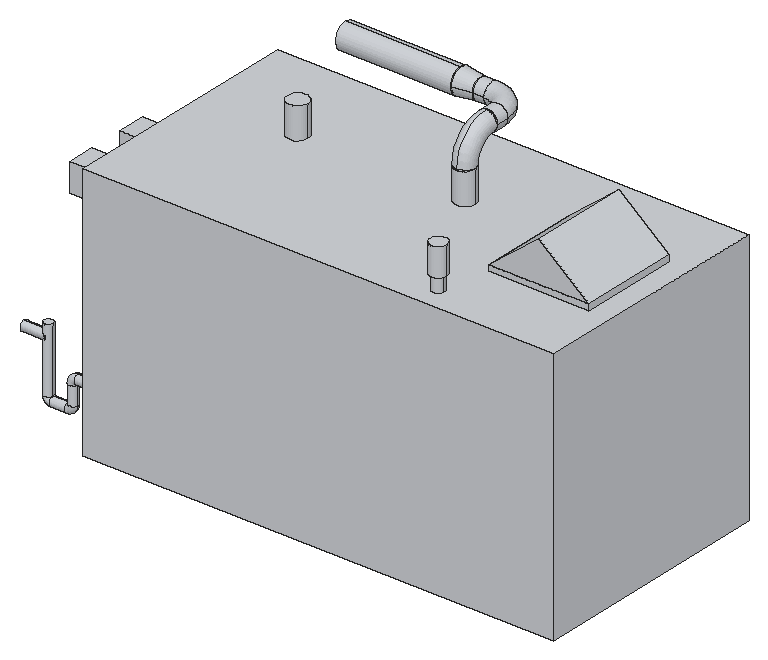
Revit family "AMP_BFIT 1500 Boiler", category Mechanical Equipment, Revit 2019
Family settings
  Round Connector Dimension = Use Diameter
  Part Type = Normal
  OmniClass Number = 23.75.00.00
  OmniClass Title = Climate Control (HVAC)
  Work Plane-Based = No
  Always vertical = Yes
  Cut with Voids When Loaded = No
  Shared = No
  Room Calculation Point = No
Parameters (values of type "AMP/BFIT 1500 Boiler")
  Width = 34 1/4"
  Length = 66 1/8"
  Height = 36 1/8"
  Voltage = ""
  Vent = "8\" EZ Vent"
  Manufacturer = "Bryan Steam"  # constant formula
  Hydronic Supply = "3\" Victaulic"
  Hydronic Return = "2-1/2\" Victaulic"
  Gas Train = "1-1/4\" NPT"
  Condensate Trap = "1\" Pipe"
  Boiler Drain = "3/4\" NPT"
  Air Supply = "8\""
Reference planes
  plane 1 "Center (Front/Back)": y = 0
  plane 2: z = 0
  plane 3 "Center (Left/Right)": x = 0
  plane 4 "Vent": y = 95.25
  plane 5 "Condensate Trap": y = -304.8
  plane 6 "Supply 2.5" Victualic Elbow Style 10": x = 100.902
  plane 7 "3" Supply Manifold": z = 1127.125
  plane 8 "3" Supply Elbow Victaulic Style 10": y = 327.025
Forms (mm)
  Extrusion 1, solid
    sketch origin (0, 0, 0) x (1, 0, 0) y (0, 1, 0)
      loop
        line (-839.787, 434.975) -> (-839.787, -434.975) -> (839.788, -434.975) -> (839.788, 434.975) -> (-839.787, 434.975)
    from 0 to 917.575
  Extrusion 2, solid
    sketch origin (0, 0, 917.575) x (1, 0, 0) y (0, 1, 0)
      loop
        line (405.549, 174.625) -> (405.549, -180.975) -> (763.588, -180.975) -> (763.588, 174.625) -> (405.549, 174.625)
    from 0 to 21.63
  Extrusion 3, solid
    sketch origin (763.588, -180.975, 917.575) x (-1, 0, 0) y (0, 0, -1)
      loop
        line (358.038, -21.63) -> (0, -21.63) -> (179.019, -167.063) -> (358.038, -21.63)
    from 0 to -355.6
  Extrusion 4, solid
    sketch origin (0, 0, 917.575) x (1, 0, 0) y (0, 1, 0)
      loop
        circle (-496.887, 95.25) r 36.513
      loop
        circle (100.902, 95.25) r 36.513
    from 0 to 111.125
  Extrusion 5, solid
    sketch origin (-839.787, -434.975, 0) x (0, 1, 0) y (0, 0, -1)
      loop
        circle (714.375, -257.175) r 100.013
      loop
        circle (714.375, -257.175) r 94.456
    from 0 to 28.575
  Sweep 6, solid
    path origin (0, -304.8, 0) x (-1, 0, 0) y (0, 0, 1)
      loop
        line (839.787, 146.406) -> (960.793, 146.406)
        arc (960.793, 146.406) -> (973.15, 141.287) -> (978.268, 128.93) r 17.475
        line (978.268, 128.93) -> (978.268, 62.281)
        arc (978.268, 62.281) -> (983.387, 49.924) -> (995.743, 44.806) r 17.475
        line (995.743, 44.806) -> (1049.706, 44.806)
        arc (1049.706, 44.806) -> (1062.054, 49.92) -> (1067.168, 62.268) r 17.463
        line (1067.168, 62.268) -> (1067.168, 292.456)
    profile origin (-900.29, -304.8, 146.406) x (0, 0, 1) y (0, 1, 0)
      loop
        circle (0, 0) r 16.701
  Revolve 7, solid
    sketch origin (0, -304.8, 0) x (-1, 0, 0) y (0, 0, 1)
      loop
        line (1154.112, 250.825) -> (1154.112, 267.526) -> (1066.8, 267.526) -> (1066.8, 250.825) -> (1154.112, 250.825)
      axis (1066.8, 250.825) -> (1154.112, 250.825)
    angle from 0 to 360
  Sweep 8, solid
    path origin (100.902, 0, 0) x (0, 1, 0) y (0, 0, 1)
      loop
        line (94.688, 1028.7) -> (94.688, 1032.51)
        arc (94.688, 1032.51) -> (122.586, 1099.862) -> (189.938, 1127.76) r 95.25
        line (189.938, 1127.76) -> (193.748, 1127.76)
    profile origin (100.902, 94.688, 1030.605) x (0, -1, 0) y (1, 0, 0)
      loop
        circle (0, 0) r 36.05
  Sweep 9, solid
    path origin (0, 0, 1127.125) x (1, 0, 0) y (0, 1, 0)
      loop
        line (100.902, 193.748) -> (100.902, 238.198)
        arc (100.902, 238.198) -> (74.863, 301.059) -> (12.002, 327.098) r 88.9
        line (12.002, 327.098) -> (-29.273, 327.098)
    profile origin (100.902, 215.973, 1127.125) x (-1, 0, 0) y (0, 0, 1)
      loop
        circle (0, 0) r 36.314
  SweptBlend 10, solid
    path origin (0, 0, 1127.125) x (1, 0, 0) y (0, 1, 0)
      loop
        line (-29.273, 323.923) -> (-100.393, 323.923)
    profile origin (-29.273, 323.923, 1127.125) x (0, -1, 0) y (0, 0, 1)
      loop
        circle (-3.175, 0) r 36.314
    end profile origin (-100.393, 323.923, 1127.125) x (0, -1, 0) y (0, 0, 1)
      loop
        circle (-3.175, 0) r 44.45
  Extrusion 11, solid
    sketch origin (-100.393, 327.098, 1127.125) x (0, 0, -1) y (0, -1, 0)
      loop
        circle (0, -0.065) r 44.513
    from 0 to 411.46
  Extrusion 12, solid
    sketch origin (-839.787, -434.975, 0) x (0, 1, 0) y (0, 0, -1)
      loop
        line (345.313, -912.813) -> (345.313, -811.213) -> (243.713, -811.213) -> (243.713, -912.813) -> (345.313, -912.813)
      loop
        line (119.888, -912.8) -> (119.888, -811.2) -> (18.288, -811.2) -> (18.288, -912.8) -> (119.888, -912.8)
    from 0 to 63.004
  Revolve 13, solid
    sketch origin (0, 95.25, 0) x (-1, 0, 0) y (0, 0, 1)
      loop
        line (1001.712, 612.775) -> (996.369, 714.743) -> (812.471, 705.105) -> (817.815, 603.137) -> (1001.712, 612.775)
      axis (817.815, 603.137) -> (1001.712, 612.775)
    angle from 0 to 360
  Extrusion 14, solid
    sketch origin (-839.787, -434.975, 0) x (0, 1, 0) y (0, 0, -1)
      loop
        circle (530.225, -815.975) r 13.335
    from 0 to 28.575
  Extrusion 15, solid
    sketch origin (0, 0, 917.575) x (1, 0, 0) y (0, 1, 0)
      loop
        circle (360.363, -349.25) r 21.082
    from 0 to 53.975
  Extrusion 16, solid
    sketch origin (0, 0, 971.55) x (1, 0, 0) y (0, 1, 0)
      loop
        circle (360.363, -349.25) r 30.163
    from 0 to 98.425
  Extrusion 17, solid
    sketch origin (-868.362, -434.975, 0) x (0, 1, 0) y (0, 0, -1)
      loop
        circle (530.225, -815.975) r 19.05
    from 0 to 60.325
Dimensions and locks
  "Height": Extrusion 1 to level
  equal spacing: Extrusion 1 sketch curve, plane 3 "Center (Left/Right)", Extrusion 1 sketch curve
  "Length": Extrusion 1 sketch curve to Extrusion 1 sketch curve
  equal spacing: Extrusion 1 sketch curve, plane 1 "Center (Front/Back)", Extrusion 1 sketch curve
  "Width": Extrusion 1 sketch curve to Extrusion 1 sketch curve
  Extrusion 2 sketch curve to Extrusion 1 = 3"
  locked: Extrusion 2 sketch curve to Extrusion 2 sketch curve at 358.038
  locked: Extrusion 2 sketch curve to Extrusion 2 sketch curve at 355.6
  locked: Extrusion 2 sketch curve to Extrusion 1 at 254
  locked: Extrusion 1 to Extrusion 4 sketch curve at 339.725  (x2)
  equal spacing: Extrusion 1, Extrusion 4 sketch curve, Extrusion 4 sketch curve
  Extrusion 4 sketch curve to Extrusion 4 sketch curve = 23.535"
  locked: Extrusion 1 to Extrusion 5 sketch curve at 257.175
  Extrusion 1 to Extrusion 5 sketch curve = 6 1/8"
  locked: Sweep 8 sketch curve to Sweep 8 sketch curve at 99.06  (x2)
  locked: level to plane 7 "3" Supply Manifold" at 1127.125
  Sweep 9 sketch curve to Sweep 8 = 5 1/4"
  Sweep 9 sketch curve to Sweep 9 sketch curve = 5 1/8"
  locked: SweptBlend 10 sketch curve to SweptBlend 10 sketch curve at 71.12
  SweptBlend 10 sketch curve to Sweep 9 = 0"
  plane 3 "Center (Left/Right)" to plane 6 "Supply 2.5" Victualic Elbow Style 10" = 3.9725"
  locked: plane 8 "3" Supply Elbow Victaulic Style 10" to plane 1 "Center (Front/Back)" at 327.025
  locked: plane 4 "Vent" to plane 1 "Center (Front/Back)" at 95.25
  locked: plane 5 "Condensate Trap" to plane 1 "Center (Front/Back)" at 304.8
  locked: Sweep 6 sketch curve to Sweep 6 sketch curve at 88.9
  locked: Sweep 6 sketch curve to Sweep 6 sketch curve at 247.65
  locked: Revolve 7 sketch curve to Revolve 7 sketch curve at 87.313
  locked: Extrusion 12 sketch curve to Extrusion 12 sketch curve at 101.6  (x4)
  locked: Revolve 13 sketch curve to Revolve 13 sketch curve at 102.108
  locked: Revolve 7 sketch curve to Revolve 7 sketch curve at 16.701
  Extrusion 1 to Extrusion 14 sketch curve = 32 1/8"
  Extrusion 1 to Extrusion 14 sketch curve = 13 3/8"
  locked: Extrusion 1 to Extrusion 15 sketch curve at 85.725
  locked: Extrusion 15 sketch curve to Extrusion 1 at 479.425
  locked: Extrusion 1 to Extrusion 16 sketch curve at 85.725
  locked: Extrusion 16 sketch curve to Extrusion 1 at 479.425
  locked: Extrusion 1 to Extrusion 17 sketch curve at 101.6
  locked: Extrusion 1 to Extrusion 17 sketch curve at 339.725
  diameter of Extrusion 5 sketch curve = 7 7/16"
  diameter of Extrusion 5 sketch curve = 7 7/8"
  diameter of Extrusion 15 sketch curve = 1.66"
  diameter of Extrusion 16 sketch curve = 2 3/8"
  diameter of Extrusion 17 sketch curve = 1 1/2"
  aligned and locked: level to plane 2
Automatic sketch dimensions
  Extrusion 3 sketch curve to Extrusion 2 = 0"  (x3)
  Extrusion 3 sketch curve to Extrusion 2 = 7.048"
  Extrusion 3 sketch curve to Extrusion 2 = 5.72571"
  Extrusion 5 sketch curve to Extrusion 5 sketch curve = 0"  (x2)
  Sweep 6 sketch curve to plane 5 "Condensate Trap" = 0"
  profile plane to Sweep 6 sketch curve = 0"
  Sweep 6 sketch curve to Sweep 6 sketch curve = 0.688"  (x2)
  Sweep 6 sketch curve to Sweep 6 sketch curve = 11/16"
  Sweep 6 sketch curve to Sweep 6 sketch curve = 2.624"
  Sweep 6 sketch curve to Sweep 6 sketch curve = 4.764"
  Sweep 8 sketch curve to plane 4 "Vent" = 0.02214"
  plane 4 "Vent" to Sweep 8 sketch curve = 3.72786"
  Sweep 8 sketch curve to plane 6 "Supply 2.5" Victualic Elbow Style 10" = 0"
  Sweep 8 sketch curve to profile plane = 0"
  Sweep 9 sketch curve to plane 6 "Supply 2.5" Victualic Elbow Style 10" = 0"
  Sweep 9 sketch curve to Sweep 9 sketch curve = 1 5/8"
  Sweep 9 sketch curve to Sweep 9 sketch curve = 1 3/4"
  Sweep 9 sketch curve to plane 7 "3" Supply Manifold" = 0"
  Sweep 9 sketch curve to profile plane = 0"
  plane 4 "Vent" to SweptBlend 10 sketch curve = 9.00286"
  SweptBlend 10 sketch curve to plane 7 "3" Supply Manifold" = 0"  (x2)
  profile plane to SweptBlend 10 sketch curve = 1/8"  (x2)
  Revolve 7 sketch curve to Revolve 7 sketch curve = 0.2025"
  Revolve 7 sketch curve to Revolve 7 sketch curve = 2.453"
  Revolve 13 sketch curve to Revolve 13 sketch curve = 0.37944"
  Revolve 13 sketch curve to Revolve 13 sketch curve = 0"  (x2)
  Extrusion 4 sketch curve to Extrusion 1 = 13 1/2"
  level to Sweep 6 sketch curve = 5.764"
  Sweep 6 sketch curve to plane 3 "Center (Left/Right)" = 37.8265"
  level to Revolve 7 sketch curve = 10.5325"
  Revolve 7 sketch curve to plane 3 "Center (Left/Right)" = 42"
  Revolve 7 sketch curve to Revolve 7 sketch curve = 0"
  Sweep 8 sketch curve to plane 7 "3" Supply Manifold" = 3.725"
  Extrusion 1 to Extrusion 12 sketch curve = 0.188"
  Extrusion 12 sketch curve to Extrusion 1 = 0.72"
  Extrusion 1 to Extrusion 12 sketch curve = 3/16"
  Extrusion 12 sketch curve to Extrusion 12 sketch curve = 4 7/8"
  Revolve 13 sketch curve to plane 3 "Center (Left/Right)" = 31.98705"
  Revolve 13 sketch curve to plane 7 "3" Supply Manifold" = 20.62944"
  Revolve 13 sketch curve to Revolve 13 sketch curve = 0.21039"
  Revolve 13 sketch curve to plane 7 "3" Supply Manifold" = 21.07429"
  radius of Sweep 6 sketch curve = 0.6575"
  radius of Sweep 8 sketch curve = 1.41931"
  radius of Sweep 9 sketch curve = 1 55/128"
  radius of Extrusion 11 sketch curve = 1.75249"
  radius of SweptBlend 10 sketch curve = 1 55/128"
  radius of SweptBlend 10 sketch curve = 1 3/4"
  radius of Extrusion 4 sketch curve = 1 7/16"  (x2)
  radius of Extrusion 14 sketch curve = 0.525"
Connectors
  piping at (-496.887, 95.25, 1028.7), diameter 63.5
    settings: on Extrusion 4, index 2, connector inside diameter 24", connector length 0", flow factor 0, pipe flow 0 GPM, pressure drop 0.00 psi, fitting loss kfactor 0, connector angle 0.00°, fixture units 0, engagement length 0", angle of deflection 0.00°, flow configuration 0, flow direction 1, fitting loss method 0, system type 8, joint type 0, gender type 0, connector reference index -1, connector utility 0, adjustable connector no, is connector primary yes, connector description ""
  piping at (-868.362, 279.4, 257.175), diameter 203.2
    settings: on Extrusion 5, index 4, connector inside diameter 24", connector length 0", flow factor 0, pipe flow 0 GPM, pressure drop 0.00 psi, fitting loss kfactor 0, connector angle 0.00°, fixture units 0, engagement length 0", angle of deflection 0.00°, flow configuration 0, flow direction 1, fitting loss method 0, system type 22, joint type 0, gender type 0, connector reference index -1, connector utility 0, adjustable connector no, is connector primary no, connector description ""
  piping at (-1001.712, 95.25, 612.775), diameter 203.2
    settings: on Revolve 13, index 5, connector inside diameter 24", connector length 0", flow factor 0, pipe flow 0 GPM, pressure drop 0.00 psi, fitting loss kfactor 0, connector angle 0.00°, fixture units 0, engagement length 0", angle of deflection 0.00°, flow configuration 0, flow direction 2, fitting loss method 0, system type 17, joint type 0, gender type 0, connector reference index -1, connector utility 0, adjustable connector no, is connector primary no, connector description ""
  piping at (-1154.112, -304.8, 250.825), diameter 25.4
    settings: on Revolve 7, index 6, connector inside diameter 24", connector length 0", flow factor 0, pipe flow 0 GPM, pressure drop 0.00 psi, fitting loss kfactor 0, connector angle 0.00°, fixture units 0, engagement length 0", angle of deflection 0.00°, flow configuration 0, flow direction 2, fitting loss method 0, system type 22, joint type 0, gender type 0, connector reference index -1, connector utility 0, adjustable connector no, is connector primary no, connector description ""
  piping at (-511.854, 327.162, 1127.125), diameter 76.2
    settings: on Extrusion 11, index 8, connector inside diameter 24", connector length 0", flow factor 0, pipe flow 0 GPM, pressure drop 0.00 psi, fitting loss kfactor 0, connector angle 0.00°, fixture units 0, engagement length 0", angle of deflection 0.00°, flow configuration 0, flow direction 2, fitting loss method 0, system type 7, joint type 0, gender type 0, connector reference index -1, connector utility 0, adjustable connector no, is connector primary no, connector description ""
  piping at (360.363, -349.25, 1069.975), diameter 31.75
    settings: on Extrusion 16, index 10, connector inside diameter 24", connector length 0", flow factor 0, pipe flow 0 GPM, pressure drop 0.00 psi, fitting loss kfactor 0, connector angle 0.00°, fixture units 0, engagement length 0", angle of deflection 0.00°, flow configuration 0, flow direction 1, fitting loss method 0, system type 22, joint type 0, gender type 0, connector reference index -1, connector utility 0, adjustable connector no, is connector primary no, connector description ""
  piping at (-928.687, 95.25, 815.975), diameter 19.05
    settings: on Extrusion 17, index 11, connector inside diameter 24", connector length 0", flow factor 0, pipe flow 0 GPM, pressure drop 0.00 psi, fitting loss kfactor 0, connector angle 0.00°, fixture units 0, engagement length 0", angle of deflection 0.00°, flow configuration 0, flow direction 2, fitting loss method 0, system type 22, joint type 0, gender type 0, connector reference index -1, connector utility 0, adjustable connector no, is connector primary no, connector description ""
